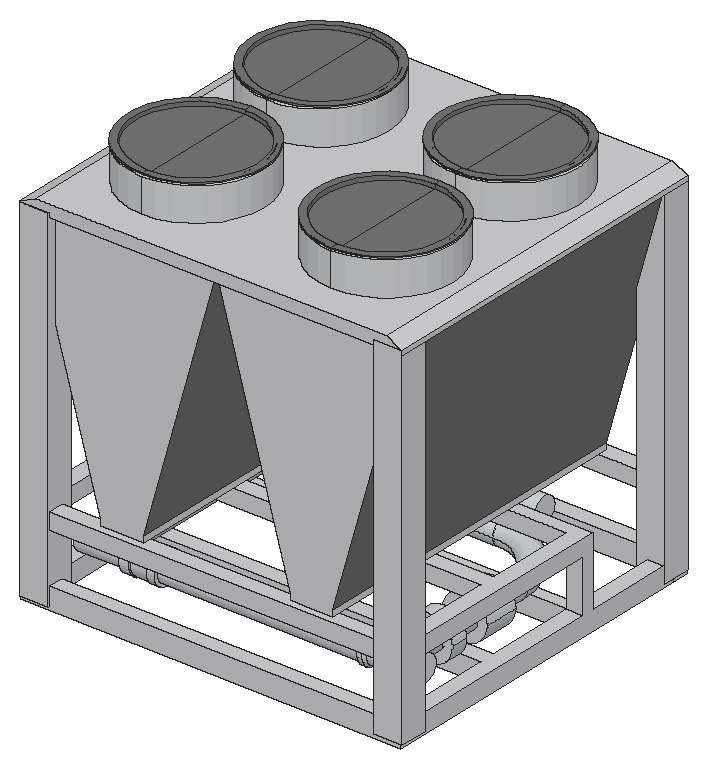
Revit family "Chiller-Air-Carrier-AquaForce_09FC-(200-400)", category Mechanical Equipment, Revit 2016
Family settings
  Part Type = Normal
  Round Connector Dimension = Use Diameter
  OmniClass Number = 23.75.10.24
  OmniClass Title = Cooling and Freeze Plant
  Work Plane-Based = Yes
  Always vertical = Yes
  Cut with Voids When Loaded = No
  Shared = No
  Room Calculation Point = No
Parameters (values of type "09FC-020")
  Width = 7' - 4 1/16"
  Wattage [instance] = 0 W
  Voltage [instance] = 208 V
  URL = "https://www.carrier.com/commercial/en/us/"
  Standards Conformance = "by Type"
  Sound dB Rating [instance] = "X dB"
  Show Clearance [instance] = no
  Refrigerant Used = "by Type"
  Refrigerant Charge Total [instance] = 0
  Product Page URL = ""
  Product Name = "09FC"
  Product Documentation Link = ""
  Power Factor [instance] = 1
  Piping Outlet Diameter = 6"
  Piping Inlet Diameter = 6"
  Phase [instance] = 3
  Screen Material [instance] = Carrier - Metal - Steel - Galvanized - Painted - Black Enamel Finish
  Operating Temperature Range = "-20 to 125 F"
  Number of Poles [instance] = 3
  Nominal Capacity = "by Type"
  Model = "09FC-020"
  Manufacturer = "Carrier"
  Load Classification [instance] = HVAC
  Length = Frame Length + 0' 5 19/32"  # 8' - 3 13/16"
  Leaving Water CL Elevation [instance] = 0' - 10 1/32"  # constant formula
  Keynote = "23 64 26.13"
  Integrated Part Load Value = 0
  Include Listed Options [instance] = "by Type"
  Include Convenience Outlet [instance] = no
  Height = 8' - 2 15/16"
  Full Load Current [instance] = 0 A
  Frequency [instance] = 60 Hz
  Frame Material [instance] = Carrier - Metal - Steel - Galvanized - Painted - Gray Enamel Finish
  Frame Length = 7' - 10 7/32"
  Filter Description [instance] = "by Type"
  Evaporator Pressure Drop [instance] = 0.00 psi
  Evaporator Leaving Temperature [instance] = 0 °F
  Evaporator Entering Temperature [instance] = 0 °F
  Entering Water CL Elevation [instance] = 0' - 10 1/32"  # constant formula
  Electrical Disconnect [instance] = no
  Efficiency Ratings = "by Type"
  Description = "Supplemental Air Chiller"  # constant formula
  Default Elevation = 0' - 0"  # constant formula
  Dead Weight = 4288
  Condenser Set Count = 2
  Compressor Type = "by Type"
  Clearance_Top [instance] = "Do Not Restrict"  # constant formula
  Clearance_Right [instance] = 6' - 0"
  Clearance_Rear [instance] = 8' - 0"
  Clearance_Left [instance] = 6' - 0"
  Clearance_Front [instance] = 8' - 0"
  Clearance Requirements [instance] = "Consult Carrier for Clearance Requirements"  # constant formula
  Clearance Material [instance] = Object Clearance
  Assembly Code = "D3010600"
  Apparent Load [instance] = Voltage * Full Load Current  # 0 VA
  Additional Weight from Options [instance] = 0
  Actual Evaporator Flow [instance] = 0 GPM
Types (3): name | Model | Length | Frame Length | Dead Weight | Condenser Set Count
  09FC-040 | "09FC-040" | 16' - 1 27/32" | 15' - 8 1/4" | 8098 | 4
  09FC-020 | "09FC-020" | 8' - 3 13/16" | 7' - 10 7/32" | 4288 | 2
  09FC-030 | "09FC-030" | 12' - 2 13/16" | 11' - 9 7/32" | 6162 | 3
Reference planes (in)
  plane 1 "Center (Front/Back)": y = 0
  plane 2: z = 0
  plane 3 "Center (Left/Right)": x = 0
  plane 4: x = -49.90625
  plane 5: x = 49.90625
  plane 6: y = 44.03125
  plane 7: y = -44.03125
  plane 8: z = 98.9375
  plane 9: x = -121.90625
  plane 10: x = 121.90625
  plane 11: y = 140.03125
  plane 12: y = -140.03125
  plane 13: z = 170.9375
  plane 14: z = 0
  plane 15: x = -44.3125
  plane 16: z = 89.8125
  plane 17: y = -43.96875
  plane 18: y = 43.96875
  plane 19: x = 43.90625
  plane 20: x = 43.90625
  plane 21: y = 0
  plane 22: y = 0
  plane 23: x = -20.67708
  plane 24: x = 26.04167
  plane 25: y = -30.54688
  plane 26: x = -44.0625
  plane 27: x = 49.65625
Forms (in)
  Extrusion 1, solid, material "Object Clearance" <- "Clearance Material", visible <- "Show Clearance"
    sketch origin (0, 0, 0) x (1, 0, 0) y (0, 1, 0)
      loop
        line (-121.90625, 140.03125) -> (-121.90625, -140.03125) -> (121.90625, -140.03125) -> (121.90625, 140.03125) -> (-121.90625, 140.03125)
    from 0 to 170.9375
  Extrusion 2, solid, material "Carrier - Metal - Steel - Galvanized - Painted - Gray Enamel Finish" <- "Frame Material"
    sketch origin (0, 0, 0) x (1, 0, 0) y (0, 1, 0)
      loop
        line (-44.3125, 44.03125) -> (-44.3125, 37.03125) -> (-37.3125, 37.03125) -> (-37.3125, 44.03125) -> (-44.3125, 44.03125)
      loop
        line (42.90625, 44.03125) -> (42.90625, 37.03125) -> (49.90625, 37.03125) -> (49.90625, 44.03125) -> (42.90625, 44.03125)
      loop
        line (-44.3125, -44.03125) -> (-37.3125, -44.03125) -> (-37.3125, -37.03125) -> (-44.3125, -37.03125) -> (-44.3125, -44.03125)
      loop
        line (42.90625, -44.03125) -> (49.90625, -44.03125) -> (49.90625, -37.03125) -> (42.90625, -37.03125) -> (42.90625, -44.03125)
    from 0.79427 to 87.82986
  Extrusion 3, solid, material "Carrier - Metal - Steel - Galvanized - Painted - Gray Enamel Finish" <- "Frame Material"
    sketch origin (0, 0, 0) x (1, 0, 0) y (0, 0, 1)
      loop
        line (-44.3125, 86.75428) -> (49.90625, 86.75428) -> (49.90625, 88.00428) -> (46.02851, 89.8125) -> (-40.43476, 89.8125) -> (-44.3125, 88.00428) -> (-44.3125, 86.75428)
    from -43.96875 to 43.96875
  Extrusion 4, solid, material "Carrier - Metal - Steel - Galvanized - Painted - Gray Enamel Finish" <- "Frame Material"
    sketch origin (0, -43.96875, 91.46381) x (0, 0, 1) y (1, 0, 0)
      loop
        line (-91.46381, -44.0625) -> (-86.21381, -44.0625) -> (-86.21381, 49.65625) -> (-91.46381, 49.65625) -> (-91.46381, -44.0625)
      loop
        line (-69.75133, -43.3125) -> (-69.75133, 48.90625) -> (-73.75133, 48.90625) -> (-73.75133, -43.3125) -> (-69.75133, -43.3125)
    from 0 to 4
  Extrusion 5, solid, material "Carrier - Metal - Steel - Galvanized - Painted - Gray Enamel Finish" <- "Frame Material"
    sketch origin (0, 43.96875, 91.46381) x (0, 0, 1) y (1, 0, 0)
      loop
        line (-91.46381, -44.0625) -> (-86.21381, -44.0625) -> (-86.21381, 49.71875) -> (-91.46381, 49.71875) -> (-91.46381, -44.0625)
      loop
        line (-69.75133, -44.0625) -> (-69.75133, 48.90625) -> (-73.75133, 48.90625) -> (-73.75133, -44.0625) -> (-69.75133, -44.0625)
    from 0 to -4
  Extrusion 6, solid, material "Carrier - Metal - Steel - Galvanized - Painted - Gray Enamel Finish" <- "Frame Material"
    sketch origin (-44.3125, 47.56915, 72) x (0, 1, 0) y (0, 0, 1)
      loop
        line (-87.5379, -67.25) -> (-87.5379, -72) -> (-7.6004, -72) -> (-7.6004, -67.25) -> (-87.5379, -67.25)
    from 0.25 to 4.25
  Extrusion 7, solid, material "Carrier - Metal - Steel - Galvanized - Painted - Gray Enamel Finish" <- "Frame Material"
    sketch origin (49.90625, 47.56915, 72) x (0, 1, 0) y (0, 0, 1)
      loop
        line (-87.5379, -67.25) -> (-87.5379, -72) -> (-7.6004, -72) -> (-7.6004, -67.25) -> (-87.5379, -67.25)
    from -0.25 to -4.25
  Extrusion 8, solid, material "Carrier - Metal - Steel - Galvanized - Painted - Gray Enamel Finish" <- "Frame Material"
    sketch origin (49.90625, 47.56915, 72) x (0, 1, 0) y (0, 0, 1)
      loop
        line (-87.5379, -50.28753) -> (-87.5379, -54.28753) -> (-35.5379, -54.28753) -> (-35.5379, -67.25) -> (-32.5379, -67.25) -> (-32.5379, -50.28753) -> (-87.5379, -50.28753)
    from -0.25 to -4.25
  Extrusion 9, solid, material "Carrier - Metal - Steel - Galvanized - Painted - Gray Enamel Finish" <- "Frame Material"
    sketch origin (-44.3125, 47.56915, 72) x (0, 1, 0) y (0, 0, 1)
      loop
        line (-87.5379, -50.28753) -> (-87.5379, -54.28753) -> (-35.5379, -54.28753) -> (-35.5379, -67.25) -> (-32.5379, -67.25) -> (-32.5379, -50.28753) -> (-87.5379, -50.28753)
    from 4.1875 to 0.1875
  Revolve 10, solid
    sketch origin (-73.15013, -30.54688, 108) x (-1, 0, 0) y (0, 0, 1)
      loop
        line (-117.96263, -97.96875) -> (-33.93138, -97.96875) -> (-33.93138, -94.71875) -> (-45.68138, -94.71875) -> (-45.68138, -93.96875) -> (-48.18138, -93.96875) -> (-48.18138, -94.21875) -> (-52.43138, -94.21875) -> (-52.43138, -93.96875) -> (-54.43138, -93.96875) -> (-54.43138, -94.71875) -> (-103.65013, -94.71875) -> (-104.18046, -94.18842) -> (-105.43046, -94.18842) -> (-105.96079, -94.71875) -> (-117.96263, -94.71875) -> (-117.96263, -97.96875)
      axis (-33.93138, -97.96875) -> (-117.96263, -97.96875)
    angle from 0 to 360
  Sweep 11, solid
    path origin (0, 0, 0) x (1, 0, 0) y (0, 1, 0)
      loop
        line (-32.0625, -30.54688) -> (-32.0625, 16.46875)
        arc (-32.0625, 16.46875) -> (-27.37621, 27.78246) -> (-16.0625, 32.46875) r 16
        line (-16.0625, 32.46875) -> (23.90625, 32.46875)
    profile origin (-32.0625, -7.03906, 0) x (-1, 0, 0) y (0, 0, 1)
      loop
        circle (0, 10.12653) r 3
  Sweep 12, solid
    path origin (0, 0, 0) x (1, 0, 0) y (0, 1, 0)
      loop
        line (36.90625, -30.54688) -> (36.90625, 5.45312)
        arc (36.90625, 5.45312) -> (32.80574, 15.35262) -> (22.90625, 19.45312) r 14
        line (22.90625, 19.45312) -> (-13.0625, 19.45312)
    profile origin (36.90625, -12.54688, 0) x (-1, 0, 0) y (0, 0, 1)
      loop
        circle (-1.25488, 10.08263) r 3
  Extrusion 13, solid
    sketch origin (0, 0, 0) x (1, 0, 0) y (0, 0, 1)
      loop
        circle (38.17195, 10.07076) r 5.5
    from 1.25746 to 9.89749
  Extrusion 14, solid
    sketch origin (0, 0, 0) x (1, 0, 0) y (0, 0, 1)
      loop
        circle (38.17195, 10.07076) r 5.5
    from 16.4842 to 20.73072
  Extrusion 15, solid, material "Carrier - Metal - Steel - Galvanized - Painted - Gray Enamel Finish" <- "Frame Material"
    sketch origin (0, 0, 0) x (0, 1, 0) y (0, 0, 1)
      loop
        line (12.03125, 17.71247) -> (15.03125, 17.71247) -> (15.03125, 21.71247) -> (12.03125, 21.71247) -> (12.03125, 17.71247)
      loop
        line (-14.54996, 17.71247) -> (-10.42493, 17.71247) -> (-10.42493, 21.71247) -> (-14.54996, 21.71247) -> (-14.54996, 17.71247)
      loop
        line (-14.54996, 4.75) -> (-14.54996, 0) -> (-10.42493, 0) -> (-10.42493, 4.75) -> (-14.54996, 4.75)
      loop
        line (12.03125, 4.75) -> (12.03125, 0) -> (15.03125, 0) -> (15.03125, 4.75) -> (12.03125, 4.75)
    from -44.0625 to 49.65625
  Extrusion 16, solid
    sketch origin (-44.3125, 47.56915, 72) x (0, 1, 0) y (0, 0, 1)
      loop
        line (-66.11788, -33.93777) -> (-66.11788, -50.26069) -> (-28.91016, -50.26069) -> (-28.91016, -33.93777) -> (-66.11788, -33.93777)
    from -1.0049 to 7
  Extrusion 17, solid
    sketch origin (-44.3125, 47.56915, 72) x (0, 1, 0) y (0, 0, 1)
      loop
        line (-29.01261, -33.93777) -> (-46.86635, -33.93777) -> (-46.86635, -50.11773) -> (-29.01261, -50.11773) -> (-29.01261, -33.93777)
      loop
        line (-65.62569, -33.93777) -> (-65.62569, -50.11773) -> (-47.77195, -50.11773) -> (-47.77195, -33.93777) -> (-65.62569, -33.93777)
    from -1.84877 to -1.0049
  Extrusion 18, solid
    sketch origin (-44.3125, 47.56915, 72) x (0, 1, 0) y (0, 0, 1)
      loop
        line (-57.70435, -39.8958) -> (-61.20435, -39.8958) -> (-61.20435, -43.3958) -> (-57.70435, -43.3958) -> (-57.70435, -39.8958)
    from -2.90259 to -1.84877
  Extrusion 19, solid
    sketch origin (-44.3125, 47.56915, 72) x (0, 1, 0) y (0, 0, 1)
      loop
        circle (-59.42604, -41.68436) r 1.5
    from -3.95869 to -2.90259
  Extrusion 20, solid
    sketch origin (-44.3125, 47.56915, 72) x (0, 1, 0) y (0, 0, 1)
      loop
        line (-58.45, -41.02996) -> (-62.8232, -41.02996) -> (-62.8232, -42.38236) -> (-58.45, -42.38236)
        arc (-58.45, -42.38236) -> (-58.22162, -41.70616) -> (-58.45, -41.02996) r 1.11524
    from -5.59375 to -3.95869
  Extrusion 21, solid
    sketch origin (0, 0, 0) x (1, 0, 0) y (0, 1, 0)
      loop
        circle (-42.7674, 15.77127) r 0.4375
      loop
        circle (-42.7674, -13.04873) r 0.4375
      loop
        circle (-42.7674, -15.54873) r 0.4375
    from 21.73931 to 24.9645
Cuts and joins
  joined: Extrusion 2, Extrusion 4, Extrusion 5, Extrusion 6, Extrusion 7, Extrusion 8, Extrusion 15
Lines and regions (in)
  symbolic lines, style "MechanicalEquipmentHiddenLines", visible <- "Show Clearance"
    curve 1: line (-121.90625, 140.03125, 0) -> (121.90625, 140.03125, 0)
    curve 2: line (121.90625, 140.03125, 0) -> (121.90625, -140.03125, 0)
    curve 3: line (121.90625, -140.03125, 0) -> (-121.90625, -140.03125, 0)
    curve 4: line (-121.90625, -140.03125, 0) -> (-121.90625, 140.03125, 0)
Dimensions and locks (in)
  equal spacing: plane 4, plane 3 "Center (Left/Right)", plane 5
  "Length": plane 4 to plane 5
  equal spacing: plane 7, plane 1 "Center (Front/Back)", plane 6
  "Width": plane 7 to plane 6
  "Height": plane 8 to plane 14
  "Clearance_Rear": plane 6 to plane 11
  "Clearance_Front": plane 12 to plane 7
  "Clearance_Right": plane 5 to plane 10
  "Clearance_Left": plane 9 to plane 4
  plane 13 to plane 8 = 6' - 0"
  plane 14 to level = 0' - 0"
  "Frame Length": plane 15 to plane 5
  locked: plane 8 to plane 16 at 9.125
  locked: plane 7 to Extrusion 2 sketch curve at 7  (x2)
  locked: plane 15 to Extrusion 2 sketch curve at 7  (x2)
  locked: Extrusion 2 sketch curve to plane 5 at 7  (x2)
  locked: Extrusion 2 sketch curve to plane 6 at 7  (x2)
  Extrusion 3 sketch curve to plane 15 to Extrusion 3 sketch curve = 0' - 3.87774" locked, 0' - 0" locked
  plane 5 to Extrusion 3 sketch curve to Extrusion 3 sketch curve = 0' - 0" locked, 0' - 3.87774" locked
  locked: plane 7 to plane 17 at 0.0625
  locked: plane 18 to plane 6 at 0.0625
  locked: plane 5 to Extrusion 4 sketch curve at 0.25
  locked: plane 5 to Extrusion 4 sketch curve at 1
  locked: Extrusion 4 sketch curve to plane 15 at 0.25
  locked: Extrusion 4 sketch curve to plane 15 at 1
  locked: plane 7 to Extrusion 6 sketch curve at 4.0625
  locked: Extrusion 6 sketch curve to plane 6 at 4.0625
  locked: plane 6 to Extrusion 7 sketch curve at 4.0625
  locked: Extrusion 7 sketch curve to plane 7 at 4.0625
  plane 19 to plane 5 = 0' - 6"
  plane 20 to plane 5 = 0' - 6"
  plane 1 "Center (Front/Back)" to plane 21 = 0' - 0"
  plane 1 "Center (Front/Back)" to plane 22 = 0' - 0"
  locked: plane 5 to plane 24 at 23.86458
  plane 23 to plane 15 = 1' - 11.63542"
  locked: plane 5 to Extrusion 5 sketch curve at 1
  locked: plane 5 to Extrusion 5 sketch curve at 0.1875
  locked: Revolve 10 sketch curve to level at 10.03125
  plane 5 to Revolve 10 sketch curve to Revolve 10 sketch curve to Revolve 10 sketch curve to Revolve 10 sketch curve to Revolve 10 sketch curve = 0' - 5 3/32" locked, 1' - 0.00184" locked, 0' - 0.53033" locked, 0' - 1 1/4" locked, 0' - 0.53033" locked
  Revolve 10 sketch curve to Revolve 10 sketch curve to Revolve 10 sketch curve to Revolve 10 sketch curve to Revolve 10 sketch curve to plane 15 = 0' - 2" locked, 0' - 4 1/4" locked, 0' - 2 1/2" locked, 0' - 11 3/4" locked, 0' - 5 3/32" locked
  locked: plane 7 to plane 25 at 13.48437
  locked: Sweep 11 sketch curve to plane 5 at 26
  locked: plane 15 to Sweep 11 sketch curve at 12.25
  plane 18 to Sweep 11 sketch curve to Sweep 11 sketch curve = 0' - 11 1/2" locked, 1' - 4" locked
  Sweep 12 sketch curve to Sweep 12 sketch curve to plane 6 = 1' - 2" locked, 2' - 0 37/64" locked
  locked: Sweep 12 sketch curve to plane 5 at 13
  locked: plane 5 to Extrusion 13 sketch curve at 11.7343
  locked: Extrusion 13 sketch curve to level at 10.07076
  locked: plane 5 to Extrusion 14 sketch curve at 11.7343
  locked: Extrusion 14 sketch curve to level at 10.07076
  group 1 to group 2 = 3' - 10 23/32"
  group 1 to group 2 = 0' - 0"  (x2)
  locked: plane 5 to plane 27 at 0.25
  locked: plane 15 to plane 26 at 0.25
  locked: plane 26 to Sweep 12 sketch curve at 31
  aligned and locked: level to plane 2
  aligned and locked: Extrusion 1 sketch curve to plane 11
  aligned and locked: Extrusion 1 sketch curve to plane 9
  aligned and locked: Extrusion 1 sketch curve to plane 12
  aligned and locked: Extrusion 1 sketch curve to plane 10
  aligned and locked: Extrusion 1 to plane 13
  aligned and locked: plane 15 to Extrusion 2 sketch curve
  aligned and locked: plane 6 to Extrusion 2 sketch curve  (x2)
  aligned and locked: plane 7 to Extrusion 2 sketch curve  (x2)
  aligned and locked: Extrusion 2 sketch curve to plane 15
  aligned and locked: plane 5 to Extrusion 2 sketch curve
  aligned and locked: Extrusion 2 sketch curve to plane 5
  aligned and locked: Extrusion 3 to plane 17
  aligned and locked: plane 18 to Extrusion 3
  aligned and locked: curve 2 to plane 10
  aligned and locked: curve 1 to plane 11
  aligned and locked: curve 4 to plane 9
  aligned and locked: curve 3 to plane 12
  aligned and locked: plane 25 to Sweep 12 sketch curve
  aligned and locked: nested 1 to plane 23
  aligned and locked: nested 2 to plane 24
  aligned and locked: Extrusion 15 to plane 27
  aligned and locked: plane 26 to Extrusion 15
  aligned and locked: plane 26 to Extrusion 5  (x2)
Automatic sketch dimensions
  Extrusion 3 sketch curve to plane 16 = 0' - 0"
  plane 16 to Extrusion 3 sketch curve = 0' - 1.80822"  (x2)
  Extrusion 3 sketch curve to Extrusion 3 sketch curve = 0' - 1 1/4"
  Extrusion 4 sketch curve to level = 0' - 0"
  level to Extrusion 4 sketch curve = 0' - 5 1/4"
  Extrusion 4 sketch curve to Extrusion 4 sketch curve = 1' - 0.46247"
  Extrusion 4 sketch curve to Extrusion 4 sketch curve = 0' - 4"
  Extrusion 5 sketch curve to level = 0' - 0"
  Extrusion 5 sketch curve to plane 26 = 0' - 0"  (x2)
  level to Extrusion 5 sketch curve = 0' - 5 1/4"
  Extrusion 5 sketch curve to Extrusion 5 sketch curve = 1' - 0.46247"
  Extrusion 5 sketch curve to Extrusion 5 sketch curve = 0' - 4"
  Extrusion 6 sketch curve to level = 0' - 0"
  level to Extrusion 6 sketch curve = 0' - 4 3/4"
  Extrusion 7 sketch curve to level = 0' - 0"
  level to Extrusion 7 sketch curve = 0' - 4 3/4"
  plane 17 to Extrusion 8 sketch curve = 0' - 4"
  level to Extrusion 8 sketch curve = 0' - 4 3/4"
  Extrusion 8 sketch curve to plane 1 "Center (Front/Back)" = 1' - 0 1/32"
  Extrusion 8 sketch curve to Extrusion 8 sketch curve = 0' - 3"
  Extrusion 8 sketch curve to Extrusion 8 sketch curve = 1' - 0.96247"
  Extrusion 8 sketch curve to Extrusion 8 sketch curve = 0' - 4"
  plane 17 to Extrusion 9 sketch curve = 0' - 4"
  level to Extrusion 9 sketch curve = 0' - 4 3/4"
  Extrusion 9 sketch curve to plane 1 "Center (Front/Back)" = 1' - 0 1/32"
  Extrusion 9 sketch curve to Extrusion 9 sketch curve = 0' - 3"
  Extrusion 9 sketch curve to Extrusion 9 sketch curve = 1' - 0.96247"
  Extrusion 9 sketch curve to Extrusion 9 sketch curve = 0' - 4"
  level to Revolve 10 sketch curve = 0' - 10 1/32"
  Revolve 10 sketch curve to Revolve 10 sketch curve = 0' - 3 1/4"  (x2)
  Revolve 10 sketch curve to Revolve 10 sketch curve = 0' - 0"
  Revolve 10 sketch curve to Revolve 10 sketch curve = 0' - 0 1/2"
  Revolve 10 sketch curve to Revolve 10 sketch curve = 0' - 0.53033"
  Revolve 10 sketch curve to Revolve 10 sketch curve = 0' - 0 3/4"
  Revolve 10 sketch curve to Revolve 10 sketch curve = 0' - 0 1/4"
  plane 5 to Revolve 10 sketch curve = 1' - 2.64544"
  Revolve 10 sketch curve to plane 4 = 0' - 3.51081"
  Sweep 11 sketch curve to plane 25 = 0' - 0"
  Sweep 11 sketch curve to profile plane = 0' - 0"
  level to Sweep 11 sketch curve = 0' - 10.12653"
  profile plane to Sweep 12 sketch curve = 0' - 1.25488"
  level to Sweep 12 sketch curve = 0' - 10.08263"
  Extrusion 15 sketch curve to level = 0' - 0"  (x2)
  level to Extrusion 15 sketch curve = 0' - 4 3/4"
  plane 1 "Center (Front/Back)" to Extrusion 15 sketch curve = 1' - 2.54996"
  Extrusion 15 sketch curve to Extrusion 15 sketch curve = 0' - 0"
  Extrusion 15 sketch curve to Extrusion 15 sketch curve = 0' - 4.12503"  (x2)
  Extrusion 15 sketch curve to plane 1 "Center (Front/Back)" = 1' - 0 1/32"  (x2)
  Extrusion 15 sketch curve to Extrusion 15 sketch curve = 0' - 3"  (x2)
  Extrusion 15 sketch curve to Extrusion 15 sketch curve = 0' - 4 3/4"
  Extrusion 15 sketch curve to Extrusion 15 sketch curve = 1' - 0.96247"  (x2)
  Extrusion 15 sketch curve to Extrusion 15 sketch curve = 0' - 4"  (x2)
  plane 1 "Center (Front/Back)" to Extrusion 18 sketch curve = 1' - 1.6352"
  Extrusion 18 sketch curve to Extrusion 18 sketch curve = 0' - 3 1/2"  (x2)
  level to Extrusion 18 sketch curve = 2' - 4.6042"
  plane 25 to Extrusion 17 sketch curve = 1' - 0.49033"
  plane 1 "Center (Front/Back)" to Extrusion 17 sketch curve = 0' - 0.2028"
  Extrusion 17 sketch curve to plane 1 "Center (Front/Back)" = 0' - 0.7028"
  Extrusion 17 sketch curve to Extrusion 17 sketch curve = 1' - 5.85375"
  level to Extrusion 17 sketch curve = 1' - 9.88227"
  Extrusion 17 sketch curve to Extrusion 17 sketch curve = 0' - 0"
  Extrusion 17 sketch curve to Extrusion 17 sketch curve = 1' - 4.17996"  (x2)
  plane 25 to Extrusion 16 sketch curve = 0' - 11.99815"
  Extrusion 16 sketch curve to plane 1 "Center (Front/Back)" = 1' - 6.65899"
  level to Extrusion 16 sketch curve = 1' - 9.73931"
  Extrusion 16 sketch curve to Extrusion 16 sketch curve = 1' - 4.32291"
  plane 1 "Center (Front/Back)" to Extrusion 19 sketch curve = 0' - 11.85689"
  level to Extrusion 19 sketch curve = 2' - 6.31564"
  plane 1 "Center (Front/Back)" to Extrusion 20 sketch curve = 1' - 3.25405"
  Extrusion 20 sketch curve to Extrusion 20 sketch curve = 0' - 3.48634"
  Extrusion 20 sketch curve to Extrusion 20 sketch curve = 0' - 0.88686"  (x2)
  level to Extrusion 20 sketch curve = 2' - 5.61764"
  Extrusion 20 sketch curve to Extrusion 20 sketch curve = 0' - 0.6762"
  Extrusion 21 sketch curve to plane 26 = 0' - 1.2951"  (x3)
  Extrusion 21 sketch curve to plane 1 "Center (Front/Back)" = 1' - 3.77127"
  plane 1 "Center (Front/Back)" to Extrusion 21 sketch curve = 1' - 1.04873"
  Extrusion 21 sketch curve to Extrusion 21 sketch curve = 0' - 2 1/2"
  radius of Sweep 11 sketch curve = 0' - 3"
  radius of Sweep 12 sketch curve = 0' - 3"
  radius of Extrusion 13 sketch curve = 0' - 5 1/2"
  radius of Extrusion 14 sketch curve = 0' - 5 1/2"
  radius of Extrusion 19 sketch curve = 0' - 1 1/2"
  radius of Extrusion 21 sketch curve = 0' - 0 7/16"  (x3)
Nested families (in)
  nested 1: "FanCasing" at (-20.67708, 0, 89.82373), Frame Material <- "Frame Material", Other Material <- "Screen Material", type "FanCasing"
    with Standard Fan no, Other Material Carrier - Metal - Steel - Galvanized - Painted - Black Enamel Finish, Low Sound yes, Frame Material Carrier - Metal - Steel - Galvanized - Painted - Gray Enamel Finish
  nested 2: "FanCasing" at (26.04167, 0, 89.82373), Frame Material <- "Frame Material", Other Material <- "Screen Material", type "FanCasing"
    with Standard Fan no, Other Material Carrier - Metal - Steel - Galvanized - Painted - Black Enamel Finish, Low Sound yes, Frame Material Carrier - Metal - Steel - Galvanized - Painted - Gray Enamel Finish
Connectors (in)
  piping at (44.8125, -30.54688, 10.03125), diameter 6, driven by "Actual Evaporator Flow", driven by "Evaporator Pressure Drop", driven by "Piping Outlet Diameter"
    settings: on Revolve 10, index 1, connector inside diameter 24", connector length 0' - 0", flow factor 0, pipe flow 0 GPM, pressure drop 0.00 psi, fitting loss kfactor 0, connector angle 0.00°, fixture units 0, engagement length 0' - 0", angle of deflection 0.00°, flow configuration 0, flow direction 2, fitting loss method 4, system type 7, joint type 0, gender type 0, connector reference index -1, connector utility 0, adjustable connector no, is connector primary no, connector description "Leaving Water"
  piping at (-39.21875, -30.54688, 10.03125), diameter 6, driven by "Actual Evaporator Flow", driven by "Piping Inlet Diameter"
    settings: on Revolve 10, index 2, connector inside diameter 24", connector length 0' - 0", flow factor 0, pipe flow 0 GPM, pressure drop 0.00 psi, fitting loss kfactor 0, connector angle 0.00°, fixture units 0, engagement length 0' - 0", angle of deflection 0.00°, flow configuration 0, flow direction 1, fitting loss method 0, system type 8, joint type 0, gender type 0, connector reference index -1, connector utility 0, adjustable connector no, is connector primary yes, connector description "Entering Water"
  electrical at (-41.31495, 0.05513, 38.06223)
    settings: on Extrusion 16, index 3, voltage 0 V, apparent load 0 VA, apparent load phase1 0 VA, apparent load phase2 0 VA, apparent load phase3 0 VA, power factor 1, load classification "Other", number of poles 1, system type 13, power factor state 1, is connector primary yes, connector utility no, sub classification motor no, connector description "Controls"
  electrical at (-37.3125, 0.05513, 29.90077), driven by "Number of Poles", driven by "Load Classification", driven by "Voltage", driven by "Apparent Load", driven by "Power Factor"
    settings: on Extrusion 16, index 4, voltage 208 V, apparent load 0 VA, apparent load phase1 0 VA, apparent load phase2 0 VA, apparent load phase3 0 VA, power factor 1, load classification "HVAC", number of poles 3, system type 30, power factor state 1, is connector primary no, connector utility no, sub classification motor no, connector description "Main Power"
  cabletrayconduit at (-42.7674, -15.54873, 21.73931), diameter 0.875
    settings: on Extrusion 21, index 5, connector width 1' - 0", connector height 1' - 0", connector angle 0.00°, system type 32, placement type 0, profile type 0, connector reference index -1, is primary connector yes, connector utility param no, connector description "Field Power Knockout"
  cabletrayconduit at (-42.7674, -13.04873, 21.73931), diameter 0.875
    settings: on Extrusion 21, index 6, connector width 1' - 0", connector height 1' - 0", connector angle 0.00°, system type 32, placement type 0, profile type 0, connector reference index -1, is primary connector no, connector utility param no, connector description "Field Power Knockout"
  cabletrayconduit at (-42.7674, 15.77127, 21.73931), diameter 0.875
    settings: on Extrusion 21, index 7, connector width 1' - 0", connector height 1' - 0", connector angle 0.00°, system type 32, placement type 0, profile type 0, connector reference index -1, is primary connector no, connector utility param no, connector description "Field Control Knockout"
Definition of nested family "FanCasing"
  Parameters (values of type "FanCasing")
    Standard Fan [instance] = not(Low Sound)  # no
    Other Material [instance] = none
    Low Sound [instance] = yes
    Frame Material [instance] = none
  Reference planes (in)
    plane 1 "Center (Front/Back)": y = 0
    plane 2: z = 0
    plane 3 "Center (Left/Right)": x = 0
    plane 4: y = 39.41438
    plane 5: y = -39.41438
  Forms (in)
    Revolve 1, solid, material <- "Frame Material", visible <- "Low Sound", detail levels medium+fine
      sketch origin (0, -39.38492, -70.25) x (0, 1, 0) y (0, 0, 1)
        loop
          line (3.38492, 70.25) -> (20.13492, 70.25) -> (20.13492, 78.32907) -> (5.04987, 78.32907) -> (5.04987, 79.32907) -> (3.29987, 79.32907) -> (3.29987, 79.07907) -> (4.54987, 79.07907) -> (4.54987, 78.57907) -> (3.38492, 78.57907) -> (3.38492, 70.25)
        axis (20.13492, 70.25) -> (20.13492, 79.32907)
      angle from 0 to 360
    Revolve 2, solid, material <- "Frame Material", visible <- "Low Sound", detail levels medium+fine
      sketch origin (0, 39.38492, -70.25) x (0, -1, 0) y (0, 0, -1)
        loop
          line (3.38492, -70.25) -> (3.38492, -78.57907) -> (4.54987, -78.57907) -> (4.54987, -79.07907) -> (3.29987, -79.07907) -> (3.29987, -79.32907) -> (5.04987, -79.32907) -> (5.04987, -78.32907) -> (20.13492, -78.32907) -> (20.13492, -70.25) -> (3.38492, -70.25)
        axis (20.13492, -70.25) -> (20.13492, -79.32907)
      angle from 0 to 360
    Extrusion 3, solid, material <- "Frame Material"
      sketch origin (0, 0, 0) x (1, 0, 0) y (0, 0, 1)
        loop
          line (23.16958, -3.05822) -> (-23.16958, -3.05822) -> (-5.26925, -66.58442) -> (-5.26925, -68.08442) -> (0, -68.08442) -> (5.26925, -68.08442) -> (5.26925, -66.58442) -> (23.16958, -3.05822)
      from -42.03125 to 42.03125
    Extrusion 4, solid, material <- "Frame Material", detail levels coarse
      sketch origin (0, 0, 0) x (1, 0, 0) y (0, 1, 0)
        loop
          circle (0, 19.5) r 16.74813
        loop
          circle (0, -19.5) r 16.74813
      from 0 to 9.07907
  Lines and regions (in)
    symbolic lines
      curve 1: line (11.55062, 7.94938, 0) -> (-11.55062, 31.05062, 0)
      curve 2: line (-11.55062, 7.94938, 0) -> (11.55062, 31.05062, 0)
      curve 3: line (11.55062, -7.94938, 0) -> (-11.55062, -31.05062, 0)
      curve 4: line (-11.55062, -7.94938, 0) -> (11.55062, -31.05062, 0)
    symbolic lines, detail levels coarse
      curve 5: circle (0, 19.5, 0) r 16.74813 normal (0, 0, 1)
      curve 6: circle (0, -19.5, 0) r 16.83319 normal (0, 0, 1)
  Dimensions and locks (in)
    aligned and locked: plane 2 to level
